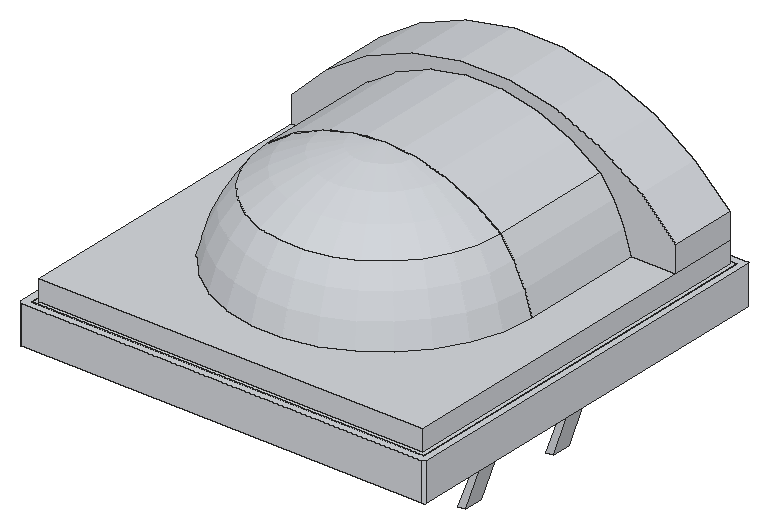
Revit family "Gira_537628", category Electrical Fixtures, host Face, Revit 2017
Family settings
  Host = Face
  Maintain Annotation Orientation = Yes
  Round Connector Dimension = Use Diameter
  Part Type = Normal
  Cut with Voids When Loaded = No
  Shared = No
  Room Calculation Point = No
Parameters (values of type "S3000 Beweg.m.aufs. 2,20 m Komfort BT System 55 Anthrazit")
  Werkstoffgüte = "sonstige"
  Werkstoff = "sonstige"
  Vernetzbar = "No"
  Unterkriechschutz/Rückfeldüberwachung = "No"
  URL = "http://katalog.gira.de/de_DE/datenblatt.html?artikelnr=537628"
  Treppenhausüberwachung = "Yes"
  Tierschneise = "No"
  Region = "DE"
  Name = "S3000 Beweg.m.aufs. 2,20 m Komfort BT System 55 Anthrazit"
  Montagehöhe = "2,2 m"
  Montageart = "unter Putz"
  Min. Einschaltdauer = "10 s"
  Max. Reichweite zu einer Seite = "6 m"
  Max. Reichweite frontal = "12 m"
  Max. Einschaltdauer = "1800 s"
  Manufacturer URL = "https://www.gira.de/"
  Konstantlichtregelung = "No"
  Keynote = "Bewegungsmelder_2,20m"
  HeinzeBIM = "https://bimportal.heinze.de/bim/s3000-beweg-m-aufs-2-20-m-komfort-bt-system-55-anthrazit/de2cd53d00ca1e74559dccf595b57ce487847983"
  Halogenfrei = "No"
  HLK-Ansteuerung = "No"
  HAN = "537628"
  Geeignet für drahtlose Übertragung = "No"
  Geeignet für Schutzart (IP) = "IP20"
  GTIN = "4010337050636"
  Farbe = "anthrazit"
  Erfassungswinkel horizontal = "1 - 180"
  Default Elevation = 1219.2 mm
  Data sheet (1) = "https://katalog.gira.de/de_DE/download.html?artikelnr=537628"
  Category = "Bewegungsmelder-Sensor"
  Available = "Yes"
  Ausführung = "Bewegungsmelder"
  Ansprechhelligkeit einstellbar = "No"
  Ansprechempfindlichkeit einstellbar = "Yes"
  Abdimmfunktion mit Dimmeinsatz = "Yes"
Reference planes
  plane 1 "Center (Front/Back)": y = 0
  plane 2: z = 0
  plane 3 "Center (Left/Right)": x = 0
Forms (mm)
  Extrusion 1, solid, detail levels fine
    sketch origin (0, 0, 0) x (1, 0, 0) y (0, 0, 1)
      loop
        line (-33.25, 14.602) -> (-33.25, 10.1) -> (33.25, 10.1) -> (33.25, 14.602)
        arc (33.25, 14.602) -> (0, 30.256) -> (-33.25, 14.602) r 43.139
    from -33.25 to -21.609
  Extrusion 2, solid, detail levels fine
    sketch origin (0, 0, 0) x (1, 0, 0) y (0, 1, 0)
      loop
        line (-33.25, 33.25) -> (-33.25, -33.25) -> (33.25, -33.25) -> (33.25, 33.25) -> (-33.25, 33.25)
    from 6.6 to 10.1
  Extrusion 3, solid, detail levels fine
    sketch origin (0, 0, 0) x (1, 0, 0) y (0, 0, 1)
      loop
        arc (20.138, 21.225) -> (0, 28.457) -> (-20.138, 21.225) r 31.652
        arc (-20.138, 21.225) -> (-23.48, 15.984) -> (-25.486, 10.1) r 26.053
        line (-25.486, 10.1) -> (25.486, 10.1)
        arc (25.486, 10.1) -> (23.48, 15.984) -> (20.138, 21.225) r 26.053
    from -21.609 to 0
  Revolve 4, solid, detail levels fine
    sketch origin (0, 0, 0) x (1, 0, 0) y (0, 0, 1)
      loop
        arc (0, 28.457) -> (-10.699, 26.594) -> (-20.138, 21.225) r 31.652
        arc (-20.138, 21.225) -> (-23.48, 15.984) -> (-25.486, 10.1) r 26.053
        line (-25.486, 10.1) -> (0, 10.1) -> (0, 28.457)
      axis (0, 28.457) -> (0, 10.1)
    angle from -180 to 0
  Extrusion 5, solid, detail levels fine
    sketch origin (0, 0, 0) x (1, 0, 0) y (0, 1, 0)
      loop
        spline (-34.7, 35.2) -> (-34.765, 35.196) -> (-34.829, 35.183) -> (-34.891, 35.162) -> (-34.95, 35.133) -> (-35.004, 35.097) -> (-35.054, 35.054) -> (-35.097, 35.004) -> (-35.133, 34.95) -> (-35.162, 34.891) -> (-35.183, 34.829) -> (-35.196, 34.765) -> (-35.2, 34.7)
        line (-35.2, 34.7) -> (-35.2, -34.7)
        spline (-35.2, -34.7) -> (-35.196, -34.765) -> (-35.183, -34.829) -> (-35.162, -34.891) -> (-35.133, -34.95) -> (-35.097, -35.004) -> (-35.054, -35.054) -> (-35.004, -35.097) -> (-34.95, -35.133) -> (-34.891, -35.162) -> (-34.829, -35.183) -> (-34.765, -35.196) -> (-34.7, -35.2)
        line (-34.7, -35.2) -> (34.7, -35.2)
        spline (34.7, -35.2) -> (34.765, -35.196) -> (34.829, -35.183) -> (34.891, -35.162) -> (34.95, -35.133) -> (35.004, -35.097) -> (35.054, -35.054) -> (35.097, -35.004) -> (35.133, -34.95) -> (35.162, -34.891) -> (35.183, -34.829) -> (35.196, -34.765) -> (35.2, -34.7)
        line (35.2, -34.7) -> (35.2, 34.7)
        spline (35.2, 34.7) -> (35.196, 34.765) -> (35.183, 34.829) -> (35.162, 34.891) -> (35.133, 34.95) -> (35.097, 35.004) -> (35.054, 35.054) -> (35.004, 35.097) -> (34.95, 35.133) -> (34.891, 35.162) -> (34.829, 35.183) -> (34.765, 35.196) -> (34.7, 35.2)
        line (34.7, 35.2) -> (-34.7, 35.2)
      loop
        line (-33.986, 33.986) -> (-33.986, -33.986) -> (33.986, -33.986) -> (33.986, 33.986) -> (-33.986, 33.986)
    from 0 to 6.6
  Extrusion 6, solid, detail levels fine
    sketch origin (0, 0, 0) x (1, 0, 0) y (0, 1, 0)
      loop
        line (-33.986, 33.986) -> (-33.986, -33.986) -> (33.986, -33.986) -> (33.986, 33.986) -> (-33.986, 33.986)
    from 5 to 6.6
  Extrusion 7, solid
    sketch origin (0, 0, 0) x (1, 0, 0) y (0, 1, 0)
      loop
        line (-23.656, 22.752) -> (-23.656, -22.748)
        arc (-23.656, -22.748) -> (-23.409, -23.369) -> (-22.801, -23.65) r 0.904
        line (-22.801, -23.65) -> (22.796, -23.65)
        arc (22.796, -23.65) -> (23.404, -23.369) -> (23.656, -22.748) r 0.904
        line (23.656, -22.748) -> (23.652, 22.752)
        arc (23.652, 22.752) -> (23.404, 23.374) -> (22.796, 23.655) r 0.904
        line (22.796, 23.655) -> (-22.801, 23.655)
        arc (-22.801, 23.655) -> (-23.409, 23.374) -> (-23.656, 22.752) r 0.904
    from -3.2 to 5
  Extrusion 8, solid, detail levels fine
    sketch origin (0, 0, 0) x (1, 0, 0) y (0, 1, 0)
      loop
        line (-27.334, -25) -> (-26.366, -25) -> (-26.366, 26.298) -> (26.366, 26.298) -> (26.366, -25) -> (27.334, -25) -> (27.334, 27.402) -> (-27.334, 27.402) -> (-27.334, -25)
    from -1.1 to 5
  Extrusion 9, solid, detail levels fine
    sketch origin (0, 0, 0) x (1, 0, 0) y (0, 1, 0)
      loop
        line (-5.141, 20.682) -> (-5.141, 15.098)
        spline (-5.141, 15.098) -> (-5.133, 14.968) -> (-5.107, 14.84) -> (-5.065, 14.716) -> (-5.007, 14.599) -> (-4.935, 14.49) -> (-4.849, 14.391) -> (-4.75, 14.305) -> (-4.641, 14.233) -> (-4.524, 14.175) -> (-4.4, 14.133) -> (-4.272, 14.107) -> (-4.142, 14.099)
        line (-4.142, 14.099) -> (4.142, 14.099)
        spline (4.142, 14.099) -> (4.272, 14.107) -> (4.4, 14.133) -> (4.524, 14.175) -> (4.641, 14.233) -> (4.75, 14.305) -> (4.849, 14.391) -> (4.935, 14.49) -> (5.007, 14.599) -> (5.065, 14.716) -> (5.107, 14.84) -> (5.133, 14.968) -> (5.141, 15.098)
        line (5.141, 15.098) -> (5.141, 20.682)
        spline (5.141, 20.682) -> (5.133, 20.812) -> (5.107, 20.94) -> (5.065, 21.064) -> (5.007, 21.181) -> (4.935, 21.29) -> (4.849, 21.389) -> (4.75, 21.475) -> (4.641, 21.547) -> (4.524, 21.605) -> (4.4, 21.647) -> (4.272, 21.673) -> (4.142, 21.681)
        line (4.142, 21.681) -> (-4.142, 21.681)
        spline (-4.142, 21.681) -> (-4.272, 21.673) -> (-4.4, 21.647) -> (-4.524, 21.605) -> (-4.641, 21.547) -> (-4.75, 21.475) -> (-4.849, 21.389) -> (-4.935, 21.29) -> (-5.007, 21.181) -> (-5.065, 21.064) -> (-5.107, 20.94) -> (-5.133, 20.812) -> (-5.141, 20.682)
    from -19.6 to -3.2
  Extrusion 10, solid, detail levels fine
    sketch origin (0, 0, 0) x (1, 0, 0) y (0, 0, 1)
      loop
        line (-24.966, -3.825) -> (-25.395, -8.726) -> (-23.048, -15.543) -> (-21.665, -15.713) -> (-24.338, -8.563) -> (-23.422, -1.1) -> (-25.014, -1.1) -> (-24.966, -3.825)
      loop
        line (24.966, -3.825) -> (25.014, -1.1) -> (23.422, -1.1) -> (24.338, -8.563) -> (21.665, -15.713) -> (23.048, -15.543) -> (25.395, -8.726) -> (24.966, -3.825)
    from -11.1 to -7.9
  Extrusion 11, solid, detail levels fine
    sketch origin (0, 0, 0) x (1, 0, 0) y (0, 0, -1)
      loop
        line (-24.966, 3.825) -> (-25.014, 1.1) -> (-23.422, 1.1) -> (-24.338, 8.563) -> (-21.665, 15.713) -> (-23.048, 15.543) -> (-25.395, 8.726) -> (-24.966, 3.825)
      loop
        line (24.966, 3.825) -> (25.395, 8.726) -> (23.048, 15.543) -> (21.665, 15.713) -> (24.338, 8.563) -> (23.422, 1.1) -> (25.014, 1.1) -> (24.966, 3.825)
    from -11.1 to -7.9
  Extrusion 12, solid
    sketch origin (0, 0, 0) x (1, 0, 0) y (0, 1, 0)
      loop
        line (-23.656, 22.752) -> (-23.656, -22.748)
        arc (-23.656, -22.748) -> (-23.409, -23.369) -> (-22.801, -23.65) r 0.904
        line (-22.801, -23.65) -> (22.796, -23.65)
        arc (22.796, -23.65) -> (23.404, -23.369) -> (23.656, -22.748) r 0.904
        line (23.656, -22.748) -> (23.652, 22.752)
        arc (23.652, 22.752) -> (23.404, 23.374) -> (22.796, 23.655) r 0.904
        line (22.796, 23.655) -> (-22.801, 23.655)
        arc (-22.801, 23.655) -> (-23.409, 23.374) -> (-23.656, 22.752) r 0.904
    from -3.2 to 5
  Extrusion 13, solid, detail levels medium
    sketch origin (0, 0, 0) x (1, 0, 0) y (0, 1, 0)
      loop
        line (-35.2, 35.2) -> (-35.2, -35.2) -> (35.2, -35.2) -> (35.2, 35.2) -> (-35.2, 35.2)
    from 0 to 6.6
  Extrusion 14, solid, detail levels medium
    sketch origin (0, 0, 0) x (1, 0, 0) y (0, 1, 0)
      loop
        line (-33.25, 33.25) -> (-33.25, -33.25) -> (33.25, -33.25) -> (33.25, 33.25) -> (-33.25, 33.25)
    from 6.6 to 30.256
  Extrusion 15, solid, detail levels medium
    sketch origin (0, 0, 0) x (1, 0, 0) y (0, 1, 0)
      loop
        line (-23.656, 23.655) -> (-23.656, -23.65) -> (23.656, -23.65) -> (23.656, 23.655) -> (-23.656, 23.655)
    from -3.2 to 5
  Extrusion 16, solid, detail levels medium
    sketch origin (0, 0, 0) x (1, 0, 0) y (0, 0, 1)
      loop
        line (-25.014, -1.1) -> (-25.014, -15.713) -> (-21.665, -15.713) -> (-21.665, -1.1) -> (-25.014, -1.1)
      loop
        line (25.014, -1.1) -> (21.665, -1.1) -> (21.665, -15.713) -> (25.014, -15.713) -> (25.014, -1.1)
    from -11.1 to -7.9
  Extrusion 17, solid, detail levels medium
    sketch origin (0, 0, 0) x (1, 0, 0) y (0, 0, -1)
      loop
        line (-25.014, 1.1) -> (-21.665, 1.1) -> (-21.665, 15.713) -> (-25.014, 15.713) -> (-25.014, 1.1)
      loop
        line (25.014, 1.1) -> (25.014, 15.713) -> (21.665, 15.713) -> (21.665, 1.1) -> (25.014, 1.1)
    from -11.1 to -7.9
  Extrusion 18, solid, detail levels medium
    sketch origin (0, 0, 0) x (1, 0, 0) y (0, 1, 0)
      loop
        line (-5.141, 14.099) -> (5.141, 14.099) -> (5.141, 21.681) -> (-5.141, 21.681) -> (-5.141, 14.099)
    from -19.6 to -3.2
  Extrusion 19, solid, detail levels coarse
    sketch origin (0, 0, 0) x (1, 0, 0) y (0, 1, 0)
      loop
        line (-35.2, 35.2) -> (-35.2, -35.2) -> (35.2, -35.2) -> (35.2, 35.2) -> (-35.2, 35.2)
    from -19.6 to 30.256
Dimensions and locks
  aligned and locked: plane 2 to host face
  aligned and locked: level to host face
  aligned and locked: nested 1 to plane 3 "Center (Left/Right)"
  aligned and locked: plane 1 "Center (Front/Back)" to nested 1
Nested families
  nested 1: "Belegungssensor - Bewegung - Aufputz - Beschriftung" at (0, 0, 0) x (0, -1, 0) z (0, 0, 1), type "Belegungssensor - Bewegung - Aufputz - Beschriftung"
Connectors
  electrical at (0, 0, -19.6)
    settings: on Extrusion 19, index 1, voltage 220 V, apparent load 0 VA, apparent load phase1 0 VA, apparent load phase2 0 VA, apparent load phase3 0 VA, power factor 1, load classification "Other", number of poles 1, system type 30, power factor state 1, is connector primary yes, connector utility no, sub classification motor no, connector description ""
Definition of nested family "Belegungssensor - Bewegung - Aufputz - Beschriftung"
  Reference planes
    plane 1: y = 0
    plane 2: x = 0
  Lines and regions (mm)
    Filled region 1, type "Gefüllter Bereich 1"
      outline origin (143.425, -20.712, 0) x (1, 0, 0) y (0, 1, 0)
        loop
          line (-148.697, 21.204) -> (-148.697, 20.409) -> (-147.583, 20.807) -> (-148.697, 21.204)
    Filled region 2, type "Gefüllter Bereich 1"
      outline origin (141.808, 30.001, 0) x (0.939693, 0.34202, 0) y (-0.34202, 0.939693, 0)
        loop
          line (-148.694, 21.203) -> (-148.694, 20.41) -> (-147.583, 20.807) -> (-148.694, 21.203)
    Filled region 3, type "Gefüllter Bereich 1"
      outline origin (141.819, -29.825, 0) x (-0.34202, -0.939693, 0) y (0.939693, -0.34202, 0)
        loop
          line (21.204, -148.697) -> (20.807, -147.583) -> (20.409, -148.697) -> (21.204, -148.697)
    detail lines
      curve 1: line (-1.207, 0.095, 0) -> (-3.486, 1.411, 0)
      curve 2: line (-1.207, 0.095, 0) -> (-3.486, -1.221, 0)
      curve 5: arc (-3.252, 1.752, 0) -> (-3.839, 0.095, 0) -> (-3.252, -1.562, 0) r 2.632
      curve 6: line (-6, 3, 0) -> (0, 3, 0)
      curve 7: line (-6, -3, 0) -> (-6, 3, 0)
      curve 8: line (0, -3, 0) -> (-6, -3, 0)
      curve 9: line (0, 3, 0) -> (0, -3, 0)
    reference lines
      curve 3: line (-1.207, 0.095, 0) -> (-3.616, 2.046, 0)
      curve 4: line (-1.207, 0.095, 0) -> (-3.616, -1.856, 0)
  Dimensions and locks
    curve 1 to curve 1 = 2.632 mm
    curve 2 to curve 2 = 2.632 mm
    curve 6 to curve 8 = 6 mm
    curve 7 to curve 9 = 6 mm
    angle curve 1 to curve 2 = 60.00°
    aligned and locked: curve 6 to curve 7
    aligned and locked: curve 9 to curve 9
